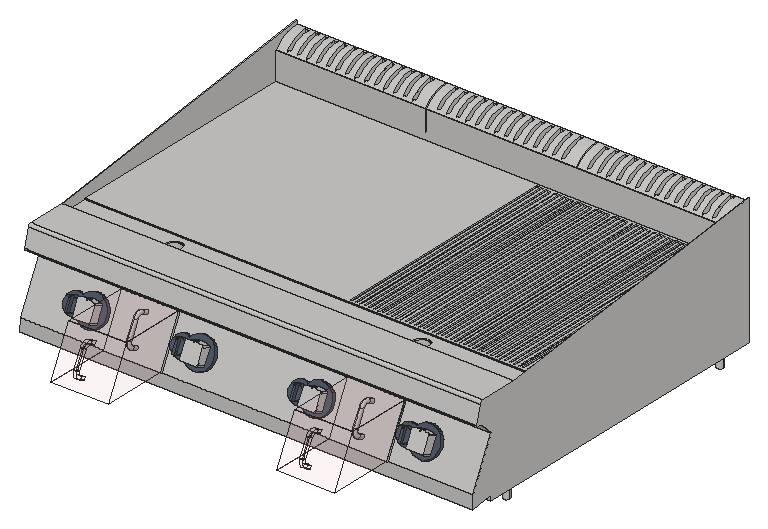
Revit family "QF_ZANUSSI_392407_Z9IIMAAOMIA", category Specialty Equipment, Revit 2018
Family settings
  Round Connector Dimension = Use Diameter
  Part Type = Normal
  Work Plane-Based = No
  Always vertical = Yes
  Cut with Voids When Loaded = No
  Shared = No
  Room Calculation Point = No
Parameters (values of type "Standard")
  Weight = 150.00 kg
  Watts = 0 W
  Volts = 0 V
  URL Manufacturer = "http://www.zanussiprofessional.com"
  URL = "http://www.zanussiprofessional.com"
  Steam Supply Size = 0"
  Steam Supply Minimum Pressure = 0.00 psi
  Steam Supply Maximum Pressure = 0.00 psi
  Steam Pounds per Hour = 0
  Show Logo [instance] = yes
  Show Clearance [instance] = yes
  Refrigeration Suction Line Size = 0"
  Refrigeration Liquid Line Size = 0"
  Refrigerant Compressor Remote = yes
  Phase = 0
  Model = "Z9IIMAAOMIA"
  Manufacturer = "Zanussi"
  Length Actual = 1200 mm  # constant formula
  Item Number = "392407"
  Hot Water Size = 0"
  Height Actual = 250 mm  # constant formula
  HP = "0 HP"
  Gas Size = 1/2"
  Gas KW = 33
  Gas Input Pressure = 1.10632 Btu/h
  Direct Waste Size = 0"
  Description = "GAS FRY TOP HP SMOOTH+RIBBED 1200MM - SCRATCH RESISTANT CHROMIUM"
  Depth Actual = 930 mm  # constant formula
  Cycle = 0 Hz
  Condensate Return Size = 0"
  Compressed Air Volume = 0 GPM
  Compressed Air Size = 0"
  Compressed Air Pressure = 0.00 psi
  Cold Water Size = 0"
  Accessory = yes
Reference planes
  plane 1 "BACK": y = 0
  plane 2: z = 0
  plane 3 "LEFT": x = 0
  plane 4 "RIGHT": x = 1200
  plane 5 "FRONT": y = -915
  plane 6 "TOP": z = 274
  plane 7 "Center Y": x = 600
  plane 8 "Center X": y = -457.5
  plane 9: y = -1106
  plane 10: z = 24
  plane 11: z = 290
  plane 12: z = 410
  plane 13: x = 11
  plane 14: x = 1189
  plane 15: z = 900
  plane 16: z = 995
Forms (mm)
  Extrusion 1, solid, material "QF_Finishes_Stainless Steel"
    sketch origin (0, 0, 626) x (0, 1, 0) y (0, 0, 1)
      loop
        line (0, 24) -> (0, 274) -> (-879.358, 274)
        arc (-879.358, 274) -> (-884.643, 271.811) -> (-886.833, 266.526) r 7.474
        line (-886.833, 266.526) -> (-899.884, 221.011)
        arc (-899.884, 221.011) -> (-899.396, 218.379) -> (-897, 217.184) r 3
        line (-897, 217.184) -> (-886.802, 217.184) -> (-854.982, 185.364) -> (-915, 64.508) -> (-915, 29.508) -> (-858.645, 37.428)
        arc (-858.645, 37.428) -> (-856.101, 36.674) -> (-855, 34.259) r 3.2
        line (-855, 34.259) -> (-855, 24) -> (0, 24)
    from 0 to 1200
  Extrusion 2, solid, material "QF_Finishes_Stainless Steel"
    sketch origin (0, -1, 626) x (1, 0, 0) y (0, 1, 0)
      loop
        circle (11, -81) r 8.5
      loop
        circle (11, -789) r 8.5
      loop
        circle (1191, -81) r 8.5
      loop
        circle (1191, -789) r 8.5
    from 0 to 24
  Extrusion 3, solid, material "QF_Finishes_Stainless Steel"
    sketch origin (635, 203.692, 900) x (0, -1, 0) y (1, 0, 0)
      loop
        line (273.542, 563.412) -> (273.542, -633.413) -> (275.13, -633.413) -> (275.13, 563.412) -> (273.542, 563.412)
    from 0 to 56.233
  Extrusion 4, void
    sketch origin (0, 0, 900) x (0, -1, 0) y (1, 0, 0)
      loop
        line (71.438, 1.587) -> (777.539, 1.587) -> (777.539, 1198.412) -> (71.438, 1198.412) -> (71.438, 1.587)
    from 0 to -21.588
  Extrusion 5, solid, material "QF_Finishes_Stainless Steel"
    sketch origin (0, 0, 650) x (-1, 0, 0) y (0, 1, 0)
      loop
        circle (-1153, -40) r 6.35
      loop
        circle (-1153, -654) r 6.35
    from 0 to 5
  Extrusion 6, solid, material "QF_Clearances", visible <- "Show Clearance", detail levels coarse
    sketch origin (0, 0, 626) x (1, 0, 0) y (0, 1, 0)
      loop
        line (0, 0) -> (1200, 0) -> (1200, -915) -> (1350, -915) -> (1350, 100) -> (-150, 100) -> (-150, -915) -> (0, -915) -> (0, 0)
    from 0 to 369
  Extrusion 7, solid, material "QF_Finishes_Stainless Steel"
    sketch origin (0, 0, 626) x (0, 1, 0) y (0, 0, 1)
      loop
        line (-777.539, 254) -> (-777.539, 252.413) -> (-81.438, 252.413) -> (-81.438, 254) -> (-777.539, 254)
    from 1.587 to 1198.412
  Extrusion 8, void
    sketch origin (656.521, 0, 626) x (1, 0, 0) y (0, 1, 0)
      loop
        circle (271.879, -743.736) r 20
    from 235.859 to 256.719
  Extrusion 9, solid, material "QF_Finishes_Stainless Steel"
    sketch origin (-15.442, 0, 626) x (0, 1, 0) y (0, 0, 1)
      loop
        line (0, 274) -> (0, 369) -> (-777.539, 274) -> (0, 274)
    from 15.442 to 17.03
  Extrusion 10, solid, material "QF_Finishes_Stainless Steel"
    sketch origin (23.617, -107.539, 881) x (-1, 0, 0) y (0, 1, 0)
      loop
        line (22.03, -600) -> (22.03, 36.101) -> (-1174.795, 36.101) -> (-1174.795, -600) -> (22.03, -600)
    from 0 to -2
  Extrusion 11, solid, material "QF_Finishes_Stainless Steel"
    sketch origin (0, 0, 655.962) x (0, 1, 0) y (0, 0, 1)
      loop
        line (0, 244.038) -> (0, 331.354)
        arc (0, 331.354) -> (-38.768, 324.268) -> (-69.85, 300.038) r 82.671
        line (-69.85, 300.038) -> (-69.85, 244.038) -> (0, 244.038)
    from 1.588 to 400
  Extrusion 12, void
    sketch origin (0, 0, 930.6) x (0, -1, 0) y (1, 0, 0)
      loop
        line (6.761, 29.703) -> (63.911, 29.703) -> (63.911, 38.999) -> (6.761, 38.999) -> (6.761, 29.703)
      loop
        line (63.911, 64.487) -> (6.761, 64.487) -> (6.761, 55.191) -> (63.911, 55.191) -> (63.911, 64.487)
      loop
        line (63.911, 89.975) -> (6.761, 89.975) -> (6.761, 80.68) -> (63.911, 80.68) -> (63.911, 89.975)
      loop
        line (63.911, 115.464) -> (6.761, 115.464) -> (6.761, 106.168) -> (63.911, 106.168) -> (63.911, 115.464)
      loop
        line (63.911, 140.952) -> (6.761, 140.952) -> (6.761, 131.656) -> (63.911, 131.656) -> (63.911, 140.952)
      loop
        line (63.911, 166.44) -> (6.761, 166.44) -> (6.761, 157.145) -> (63.911, 157.145) -> (63.911, 166.44)
      loop
        line (63.911, 191.929) -> (6.761, 191.929) -> (6.761, 182.633) -> (63.911, 182.633) -> (63.911, 191.929)
      loop
        line (63.911, 217.417) -> (6.761, 217.417) -> (6.761, 208.121) -> (63.911, 208.121) -> (63.911, 217.417)
      loop
        line (63.911, 242.905) -> (6.761, 242.905) -> (6.761, 233.61) -> (63.911, 233.61) -> (63.911, 242.905)
      loop
        line (63.911, 268.394) -> (6.761, 268.394) -> (6.761, 259.098) -> (63.911, 259.098) -> (63.911, 268.394)
      loop
        line (63.911, 293.882) -> (6.761, 293.882) -> (6.761, 284.586) -> (63.911, 284.586) -> (63.911, 293.882)
      loop
        line (63.911, 319.37) -> (6.761, 319.37) -> (6.761, 310.075) -> (63.911, 310.075) -> (63.911, 319.37)
      loop
        line (63.911, 344.859) -> (6.761, 344.859) -> (6.761, 335.563) -> (63.911, 335.563) -> (63.911, 344.859)
      loop
        line (63.911, 370.347) -> (6.761, 370.347) -> (6.761, 361.051) -> (63.911, 361.051) -> (63.911, 370.347)
    from 25.4 to 63.5
  Extrusion 13, solid, material "QF_Finishes_Stainless Steel"
    sketch origin (800, 0, 655.962) x (0, 1, 0) y (0, 0, -1)
      loop
        line (0, -244.038) -> (-69.85, -244.038) -> (-69.85, -300.038)
        arc (-69.85, -300.038) -> (-38.626, -323.809) -> (0, -330.737) r 83.705
        line (0, -330.737) -> (0, -244.038)
    from 0 to 400
  Extrusion 14, void
    sketch origin (596.143, 0, 930.6) x (0, -1, 0) y (1, 0, 0)
      loop
        line (6.761, 170.297) -> (6.761, 161.001) -> (63.911, 161.001) -> (63.911, 170.297) -> (6.761, 170.297)
      loop
        line (63.911, 135.513) -> (63.911, 144.809) -> (6.761, 144.809) -> (6.761, 135.513) -> (63.911, 135.513)
      loop
        line (63.911, 110.025) -> (63.911, 119.32) -> (6.761, 119.32) -> (6.761, 110.025) -> (63.911, 110.025)
      loop
        line (63.911, 84.536) -> (63.911, 93.832) -> (6.761, 93.832) -> (6.761, 84.536) -> (63.911, 84.536)
      loop
        line (63.911, 59.048) -> (63.911, 68.344) -> (6.761, 68.344) -> (6.761, 59.048) -> (63.911, 59.048)
      loop
        line (63.911, 33.56) -> (63.911, 42.855) -> (6.761, 42.855) -> (6.761, 33.56) -> (63.911, 33.56)
      loop
        line (63.911, 8.071) -> (63.911, 17.367) -> (6.761, 17.367) -> (6.761, 8.071) -> (63.911, 8.071)
      loop
        line (63.911, -17.417) -> (63.911, -8.121) -> (6.761, -8.121) -> (6.761, -17.417) -> (63.911, -17.417)
      loop
        line (63.911, -42.905) -> (63.911, -33.61) -> (6.761, -33.61) -> (6.761, -42.905) -> (63.911, -42.905)
      loop
        line (63.911, -68.394) -> (63.911, -59.098) -> (6.761, -59.098) -> (6.761, -68.394) -> (63.911, -68.394)
      loop
        line (63.911, -93.882) -> (63.911, -84.586) -> (6.761, -84.586) -> (6.761, -93.882) -> (63.911, -93.882)
      loop
        line (63.911, -119.37) -> (63.911, -110.075) -> (6.761, -110.075) -> (6.761, -119.37) -> (63.911, -119.37)
      loop
        line (63.911, -144.859) -> (63.911, -135.563) -> (6.761, -135.563) -> (6.761, -144.859) -> (63.911, -144.859)
      loop
        line (63.911, -170.347) -> (63.911, -161.051) -> (6.761, -161.051) -> (6.761, -170.347) -> (63.911, -170.347)
    from 25.4 to 63.5
  Extrusion 15, solid, material "QF_Finishes_Stainless Steel"
    sketch origin (170, -884.991, 750.936) x (1, 0, 0) y (0, 0.444781, 0.895639)
      loop
        arc (-21.147, 22.789) -> (-22.494, 21.685) -> (-23, 20.019) r 2.997
        line (-23, 20.019) -> (-23, -20.019)
        arc (-23, -20.019) -> (-22.122, -22.138) -> (-20.003, -23.016) r 2.997
        line (-20.003, -23.016) -> (20.003, -23.016)
        arc (20.003, -23.016) -> (22.122, -22.138) -> (23, -20.019) r 2.997
        line (23, -20.019) -> (23, 20.019)
        arc (23, 20.019) -> (22.494, 21.685) -> (21.147, 22.789) r 2.997
        arc (21.147, 22.789) -> (0, 26.984) -> (-21.147, 22.789) r 55.4
    from 10 to 34
  Extrusion 16, solid, material "QF_Finishes_Stainless Steel"
    sketch origin (170, -884.991, 750.936) x (1, 0, 0) y (0, 0.444781, 0.895639)
      loop
        line (17.5, 17.5) -> (-17.5, 17.5) -> (-17.5, -17.5) -> (17.5, -17.5) -> (17.5, 17.5)
    from 5 to 10
  Extrusion 17, solid, material "QF_Plastic-Black-Matte"
    sketch origin (112.5, -884.991, 750.936) x (0, 0.444781, 0.895639) y (0, 0.895639, -0.444781)
      loop
        line (26.984, -34) -> (23.984, -34) -> (23.984, -35) -> (26.984, -35)
        arc (26.984, -35) -> (27.691, -34.707) -> (27.984, -34) r 1
        line (27.984, -34) -> (27.984, -19) -> (26.984, -19) -> (26.984, -34)
    from -58.5 to -56.5
  Extrusion 18, solid, material "QF_Finishes_Stainless Steel"
    sketch origin (655, -884.991, 750.936) x (1, 0, 0) y (0, 0.444781, 0.895639)
      loop
        arc (378.853, 22.789) -> (377.506, 21.685) -> (377, 20.019) r 2.997
        line (377, 20.019) -> (377, -20.019)
        arc (377, -20.019) -> (377.878, -22.138) -> (379.997, -23.016) r 2.997
        line (379.997, -23.016) -> (420.003, -23.016)
        arc (420.003, -23.016) -> (422.122, -22.138) -> (423, -20.019) r 2.997
        line (423, -20.019) -> (423, 20.019)
        arc (423, 20.019) -> (422.494, 21.685) -> (421.147, 22.789) r 2.997
        arc (421.147, 22.789) -> (400, 26.984) -> (378.853, 22.789) r 55.4
    from 10 to 34
  Extrusion 19, solid, material "QF_Finishes_Stainless Steel"
    sketch origin (655, -884.991, 750.936) x (1, 0, 0) y (0, 0.444781, 0.895639)
      loop
        line (417.5, 17.5) -> (382.5, 17.5) -> (382.5, -17.5) -> (417.5, -17.5) -> (417.5, 17.5)
    from 5 to 10
  Extrusion 20, solid, material "QF_Plastic-Black-Matte"
    sketch origin (997.5, -884.991, 750.936) x (0, 0.444781, 0.895639) y (0, 0.895639, -0.444781)
      loop
        line (26.984, -34) -> (23.984, -34) -> (23.984, -35) -> (26.984, -35)
        arc (26.984, -35) -> (27.691, -34.707) -> (27.984, -34) r 1
        line (27.984, -34) -> (27.984, -19) -> (26.984, -19) -> (26.984, -34)
    from -58.5 to -56.5
  Extrusion 21, solid, material "QF_Finishes_Stainless Steel"
    sketch origin (498.735, -295.047, 230.1) x (0, 0.444781, 0.895639) y (-1, 0, 0)
      loop
        line (136.616, 122.735) -> (271.616, 122.735) -> (271.616, 274.735) -> (136.616, 274.735) -> (136.616, 122.735)
    from 760.035 to 763.551
  Sweep 22, solid, material "QF_Finishes_Stainless Steel"
    path origin (298.545, 126.359, 733.982) x (0, -0.444781, -0.895639) y (0, -0.895639, 0.444781)
      loop
        line (468.014, 916.861) -> (468.014, 932.736)
        arc (468.014, 932.736) -> (464.793, 940.513) -> (457.015, 943.735) r 10.999
        line (457.015, 943.735) -> (410.212, 943.735)
        arc (410.212, 943.735) -> (402.435, 940.513) -> (399.214, 932.736) r 10.999
        line (399.214, 932.736) -> (399.214, 916.861)
    profile origin (298.545, -879.49, 787.764) x (0, -0.444781, -0.895639) y (-1, 0, 0)
      loop
        circle (-4.691, 0) r 4.691
  Extrusion 23, solid, material "QF_Finishes_Clearance"
    sketch origin (2.32, -294.882, 229.583) x (0, 0.895639, -0.444781) y (0, 0.444781, 0.895639)
      loop
        line (-763.929, 272.005) -> (-920.503, 194.25) -> (-920.503, 59.25) -> (-763.929, 137.005) -> (-763.929, 272.005)
    from 221.68 to 374.05
  Extrusion 24, solid, material "QF_Finishes_Clearance"
    sketch origin (7.32, -283.593, 171.621) x (0, 0.895639, -0.444781) y (0, 0.444781, 0.895639)
      loop
        line (-972.705, 212.765) -> (-956.394, 212.765) -> (-956.394, 222.134) -> (-972.749, 222.134)
        arc (-972.749, 222.134) -> (-986.81, 216.31) -> (-992.634, 202.249) r 19.885
        line (-992.634, 202.249) -> (-992.634, 154.481)
        arc (-992.634, 154.481) -> (-986.81, 140.42) -> (-972.749, 134.596) r 19.885
        line (-972.749, 134.596) -> (-956.394, 134.582) -> (-956.394, 143.982) -> (-972.749, 143.982)
        arc (-972.749, 143.982) -> (-980.163, 147.067) -> (-983.234, 154.481) r 10.485
        line (-983.234, 154.481) -> (-983.234, 202.249)
        arc (-983.234, 202.249) -> (-980.163, 209.663) -> (-972.749, 212.734) r 10.485
    from 286.527 to 295.917
  Extrusion 25, solid, material "QF_Finishes_Stainless Steel"
    sketch origin (1200, 0, 655.962) x (0, 1, 0) y (0, 0, -1)
      loop
        line (0, -244.038) -> (-69.85, -244.038) -> (-69.85, -300.038)
        arc (-69.85, -300.038) -> (-38.626, -323.809) -> (0, -330.737) r 83.705
        line (0, -330.737) -> (0, -244.038)
    from 1.587 to 400
  Extrusion 26, void
    sketch origin (996.143, 0, 930.6) x (0, -1, 0) y (1, 0, 0)
      loop
        line (6.761, 170.297) -> (6.761, 161.001) -> (63.911, 161.001) -> (63.911, 170.297) -> (6.761, 170.297)
      loop
        line (63.911, 135.513) -> (63.911, 144.809) -> (6.761, 144.809) -> (6.761, 135.513) -> (63.911, 135.513)
      loop
        line (63.911, 110.025) -> (63.911, 119.32) -> (6.761, 119.32) -> (6.761, 110.025) -> (63.911, 110.025)
      loop
        line (63.911, 84.536) -> (63.911, 93.832) -> (6.761, 93.832) -> (6.761, 84.536) -> (63.911, 84.536)
      loop
        line (63.911, 59.048) -> (63.911, 68.344) -> (6.761, 68.344) -> (6.761, 59.048) -> (63.911, 59.048)
      loop
        line (63.911, 33.56) -> (63.911, 42.855) -> (6.761, 42.855) -> (6.761, 33.56) -> (63.911, 33.56)
      loop
        line (63.911, 8.071) -> (63.911, 17.367) -> (6.761, 17.367) -> (6.761, 8.071) -> (63.911, 8.071)
      loop
        line (63.911, -17.417) -> (63.911, -8.121) -> (6.761, -8.121) -> (6.761, -17.417) -> (63.911, -17.417)
      loop
        line (63.911, -42.905) -> (63.911, -33.61) -> (6.761, -33.61) -> (6.761, -42.905) -> (63.911, -42.905)
      loop
        line (63.911, -68.394) -> (63.911, -59.098) -> (6.761, -59.098) -> (6.761, -68.394) -> (63.911, -68.394)
      loop
        line (63.911, -93.882) -> (63.911, -84.586) -> (6.761, -84.586) -> (6.761, -93.882) -> (63.911, -93.882)
      loop
        line (63.911, -119.37) -> (63.911, -110.075) -> (6.761, -110.075) -> (6.761, -119.37) -> (63.911, -119.37)
      loop
        line (63.911, -144.859) -> (63.911, -135.563) -> (6.761, -135.563) -> (6.761, -144.859) -> (63.911, -144.859)
      loop
        line (63.911, -170.347) -> (63.911, -161.051) -> (6.761, -161.051) -> (6.761, -170.347) -> (63.911, -170.347)
    from 25.4 to 63.5
  Extrusion 27, solid, material "QF_Finishes_Stainless Steel"
    sketch origin (1215.442, 0, 626) x (0, 1, 0) y (0, 0, -1)
      loop
        line (0, -274) -> (-777.539, -274) -> (0, -369) -> (0, -274)
    from 15.442 to 17.03
  Extrusion 28, solid, material "QF_Finishes_Stainless Steel"
    sketch origin (10.04, 0, 726.828) x (0, 0, 1) y (1, 0, 0)
      loop
        circle (-34.828, 1142.96) r 6.5
    from 0 to 10
  Extrusion 29, solid, material "QF_Finishes_Stainless Steel"
    sketch origin (1098.735, -295.047, 230.1) x (0, 0.444781, 0.895639) y (-1, 0, 0)
      loop
        line (136.616, 122.735) -> (271.616, 122.735) -> (271.616, 274.735) -> (136.616, 274.735) -> (136.616, 122.735)
    from 760.035 to 763.551
  Sweep 30, solid, material "QF_Finishes_Stainless Steel"
    path origin (898.545, 126.359, 733.982) x (0, -0.444781, -0.895639) y (0, -0.895639, 0.444781)
      loop
        line (468.014, 916.861) -> (468.014, 932.736)
        arc (468.014, 932.736) -> (464.793, 940.513) -> (457.015, 943.735) r 10.999
        line (457.015, 943.735) -> (410.212, 943.735)
        arc (410.212, 943.735) -> (402.435, 940.513) -> (399.214, 932.736) r 10.999
        line (399.214, 932.736) -> (399.214, 916.861)
    profile origin (898.545, -879.49, 787.764) x (0, -0.444781, -0.895639) y (-1, 0, 0)
      loop
        circle (-4.691, 0) r 4.691
  Extrusion 31, solid, material "QF_Finishes_Stainless Steel"
    sketch origin (455, -884.991, 750.936) x (1, 0, 0) y (0, 0.444781, 0.895639)
      loop
        arc (-21.147, 22.789) -> (-22.494, 21.685) -> (-23, 20.019) r 2.997
        line (-23, 20.019) -> (-23, -20.019)
        arc (-23, -20.019) -> (-22.122, -22.138) -> (-20.003, -23.016) r 2.997
        line (-20.003, -23.016) -> (20.003, -23.016)
        arc (20.003, -23.016) -> (22.122, -22.138) -> (23, -20.019) r 2.997
        line (23, -20.019) -> (23, 20.019)
        arc (23, 20.019) -> (22.494, 21.685) -> (21.147, 22.789) r 2.997
        arc (21.147, 22.789) -> (0, 26.984) -> (-21.147, 22.789) r 55.4
    from 10 to 34
  Extrusion 32, solid, material "QF_Finishes_Stainless Steel"
    sketch origin (455, -884.991, 750.936) x (1, 0, 0) y (0, 0.444781, 0.895639)
      loop
        line (17.5, 17.5) -> (-17.5, 17.5) -> (-17.5, -17.5) -> (17.5, -17.5) -> (17.5, 17.5)
    from 5 to 10
  Extrusion 33, solid, material "QF_Plastic-Black-Matte"
    sketch origin (397.5, -884.991, 750.936) x (0, 0.444781, 0.895639) y (0, 0.895639, -0.444781)
      loop
        line (26.984, -34) -> (23.984, -34) -> (23.984, -35) -> (26.984, -35)
        arc (26.984, -35) -> (27.691, -34.707) -> (27.984, -34) r 1
        line (27.984, -34) -> (27.984, -19) -> (26.984, -19) -> (26.984, -34)
    from -58.5 to -56.5
  Extrusion 34, solid, material "QF_Finishes_Stainless Steel"
    sketch origin (367.5, -884.991, 750.936) x (1, 0, 0) y (0, 0.444781, 0.895639)
      loop
        arc (378.853, 22.789) -> (377.506, 21.685) -> (377, 20.019) r 2.997
        line (377, 20.019) -> (377, -20.019)
        arc (377, -20.019) -> (377.878, -22.138) -> (379.997, -23.016) r 2.997
        line (379.997, -23.016) -> (420.003, -23.016)
        arc (420.003, -23.016) -> (422.122, -22.138) -> (423, -20.019) r 2.997
        line (423, -20.019) -> (423, 20.019)
        arc (423, 20.019) -> (422.494, 21.685) -> (421.147, 22.789) r 2.997
        arc (421.147, 22.789) -> (400, 26.984) -> (378.853, 22.789) r 55.4
    from 10 to 34
  Extrusion 35, solid, material "QF_Finishes_Stainless Steel"
    sketch origin (367.5, -884.991, 750.936) x (1, 0, 0) y (0, 0.444781, 0.895639)
      loop
        line (417.5, 17.5) -> (382.5, 17.5) -> (382.5, -17.5) -> (417.5, -17.5) -> (417.5, 17.5)
    from 5 to 10
  Extrusion 36, solid, material "QF_Plastic-Black-Matte"
    sketch origin (710, -884.991, 750.936) x (0, 0.444781, 0.895639) y (0, 0.895639, -0.444781)
      loop
        line (26.984, -34) -> (23.984, -34) -> (23.984, -35) -> (26.984, -35)
        arc (26.984, -35) -> (27.691, -34.707) -> (27.984, -34) r 1
        line (27.984, -34) -> (27.984, -19) -> (26.984, -19) -> (26.984, -34)
    from -58.5 to -56.5
  Extrusion 37, solid, material "QF_Finishes_Clearance"
    sketch origin (602.32, -294.882, 229.583) x (0, 0.895639, -0.444781) y (0, 0.444781, 0.895639)
      loop
        line (-763.929, 272.005) -> (-920.503, 194.25) -> (-920.503, 59.25) -> (-763.929, 137.005) -> (-763.929, 272.005)
    from 221.68 to 374.05
  Extrusion 38, solid, material "QF_Finishes_Clearance"
    sketch origin (607.32, -283.593, 171.621) x (0, 0.895639, -0.444781) y (0, 0.444781, 0.895639)
      loop
        line (-972.705, 212.765) -> (-956.394, 212.765) -> (-956.394, 222.134) -> (-972.749, 222.134)
        arc (-972.749, 222.134) -> (-986.81, 216.31) -> (-992.634, 202.249) r 19.885
        line (-992.634, 202.249) -> (-992.634, 154.481)
        arc (-992.634, 154.481) -> (-986.81, 140.42) -> (-972.749, 134.596) r 19.885
        line (-972.749, 134.596) -> (-956.394, 134.582) -> (-956.394, 143.982) -> (-972.749, 143.982)
        arc (-972.749, 143.982) -> (-980.163, 147.067) -> (-983.234, 154.481) r 10.485
        line (-983.234, 154.481) -> (-983.234, 202.249)
        arc (-983.234, 202.249) -> (-980.163, 209.663) -> (-972.749, 212.734) r 10.485
    from 286.527 to 295.917
  Extrusion 39, void
    sketch origin (-0.279, 0, 626) x (1, 0, 0) y (0, 1, 0)
      loop
        circle (271.879, -743.736) r 20
    from 235.859 to 256.719
  Extrusion 40, solid, material "Navy Blue"
    sketch origin (-38.542, -294.248, 234.429) x (0, 0.444781, 0.895639) y (-1, 0, 0)
      loop
        arc (177.675, -177.037) -> (201.406, -249.237) -> (225.137, -177.037) r 40
        arc (225.137, -177.037) -> (201.406, -135.498) -> (177.675, -177.037) r 27.548
    from 758.825 to 766.387
  Extrusion 41, solid, material "Navy Blue"
    sketch origin (-65.437, -295.124, 236.416) x (0, 0.444781, 0.895639) y (-1, 0, 0)
      loop
        circle (199.561, -189.616) r 19.05
    from 766.387 to 780.308
  Extrusion 42, solid, material "Navy Blue"
    sketch origin (-65.437, -307.592, 242.608) x (0, 0.444781, 0.895639) y (-1, 0, 0)
      loop
        arc (217.539, -192.791) -> (217.709, -191.604) -> (217.8, -190.409) r 18.256
        line (217.8, -190.409) -> (214.102, -190.409) -> (214.102, -188.822) -> (217.8, -188.822)
        arc (217.8, -188.822) -> (217.709, -187.627) -> (217.539, -186.441) r 18.256
        line (217.539, -186.441) -> (181.583, -186.441)
        arc (181.583, -186.441) -> (181.305, -189.616) -> (181.583, -192.791) r 18.256
        line (181.583, -192.791) -> (217.539, -192.791)
    from 766.387 to 773.392
  Extrusion 43, solid, material "Navy Blue"
    sketch origin (246.458, -294.248, 234.429) x (0, 0.444781, 0.895639) y (-1, 0, 0)
      loop
        arc (177.675, -177.037) -> (201.406, -249.237) -> (225.137, -177.037) r 40
        arc (225.137, -177.037) -> (201.406, -135.498) -> (177.675, -177.037) r 27.548
    from 758.825 to 766.387
  Extrusion 44, solid, material "Navy Blue"
    sketch origin (219.563, -295.124, 236.416) x (0, 0.444781, 0.895639) y (-1, 0, 0)
      loop
        circle (199.561, -189.616) r 19.05
    from 766.387 to 780.308
  Extrusion 45, solid, material "Navy Blue"
    sketch origin (219.563, -307.592, 242.608) x (0, 0.444781, 0.895639) y (-1, 0, 0)
      loop
        arc (217.539, -192.791) -> (217.709, -191.604) -> (217.8, -190.409) r 18.256
        line (217.8, -190.409) -> (214.102, -190.409) -> (214.102, -188.822) -> (217.8, -188.822)
        arc (217.8, -188.822) -> (217.709, -187.627) -> (217.539, -186.441) r 18.256
        line (217.539, -186.441) -> (181.583, -186.441)
        arc (181.583, -186.441) -> (181.305, -189.616) -> (181.583, -192.791) r 18.256
        line (181.583, -192.791) -> (217.539, -192.791)
    from 766.387 to 773.392
  Extrusion 46, solid, material "Navy Blue"
    sketch origin (558.958, -294.248, 234.429) x (0, 0.444781, 0.895639) y (-1, 0, 0)
      loop
        arc (177.675, -177.037) -> (201.406, -249.237) -> (225.137, -177.037) r 40
        arc (225.137, -177.037) -> (201.406, -135.498) -> (177.675, -177.037) r 27.548
    from 758.825 to 766.387
  Extrusion 47, solid, material "Navy Blue"
    sketch origin (532.063, -295.124, 236.416) x (0, 0.444781, 0.895639) y (-1, 0, 0)
      loop
        circle (199.561, -189.616) r 19.05
    from 766.387 to 780.308
  Extrusion 48, solid, material "Navy Blue"
    sketch origin (532.063, -307.592, 242.608) x (0, 0.444781, 0.895639) y (-1, 0, 0)
      loop
        arc (217.539, -192.791) -> (217.709, -191.604) -> (217.8, -190.409) r 18.256
        line (217.8, -190.409) -> (214.102, -190.409) -> (214.102, -188.822) -> (217.8, -188.822)
        arc (217.8, -188.822) -> (217.709, -187.627) -> (217.539, -186.441) r 18.256
        line (217.539, -186.441) -> (181.583, -186.441)
        arc (181.583, -186.441) -> (181.305, -189.616) -> (181.583, -192.791) r 18.256
        line (181.583, -192.791) -> (217.539, -192.791)
    from 766.387 to 773.392
  Extrusion 49, solid, material "Navy Blue"
    sketch origin (846.458, -294.248, 234.429) x (0, 0.444781, 0.895639) y (-1, 0, 0)
      loop
        arc (177.675, -177.037) -> (201.406, -249.237) -> (225.137, -177.037) r 40
        arc (225.137, -177.037) -> (201.406, -135.498) -> (177.675, -177.037) r 27.548
    from 758.825 to 766.387
  Extrusion 50, solid, material "Navy Blue"
    sketch origin (819.563, -295.124, 236.416) x (0, 0.444781, 0.895639) y (-1, 0, 0)
      loop
        circle (199.561, -189.616) r 19.05
    from 766.387 to 780.308
  Extrusion 51, solid, material "Navy Blue"
    sketch origin (819.563, -307.592, 242.608) x (0, 0.444781, 0.895639) y (-1, 0, 0)
      loop
        arc (217.539, -192.791) -> (217.709, -191.604) -> (217.8, -190.409) r 18.256
        line (217.8, -190.409) -> (214.102, -190.409) -> (214.102, -188.822) -> (217.8, -188.822)
        arc (217.8, -188.822) -> (217.709, -187.627) -> (217.539, -186.441) r 18.256
        line (217.539, -186.441) -> (181.583, -186.441)
        arc (181.583, -186.441) -> (181.305, -189.616) -> (181.583, -192.791) r 18.256
        line (181.583, -192.791) -> (217.539, -192.791)
    from 766.387 to 773.392
  Extrusion 52, void
    sketch origin (377.37, -686.406, 663.09) x (0, 0, 1) y (-1, 0, 0)
      loop
        line (219.91, -739.5) -> (219.91, -733.5) -> (217.91, -733.9) -> (217.91, -739.1) -> (219.91, -739.5)
      loop
        line (219.91, -727.5) -> (219.91, -721.5) -> (217.91, -721.9) -> (217.91, -727.1) -> (219.91, -727.5)
      loop
        line (219.91, -715.5) -> (219.91, -709.5) -> (217.91, -709.9) -> (217.91, -715.1) -> (219.91, -715.5)
      loop
        line (219.91, -703.5) -> (219.91, -697.5) -> (217.91, -697.9) -> (217.91, -703.1) -> (219.91, -703.5)
      loop
        line (219.91, -691.5) -> (219.91, -685.5) -> (217.91, -685.9) -> (217.91, -691.1) -> (219.91, -691.5)
      loop
        line (219.91, -679.5) -> (219.91, -673.5) -> (217.91, -673.9) -> (217.91, -679.1) -> (219.91, -679.5)
      loop
        line (219.91, -667.5) -> (219.91, -661.5) -> (217.91, -661.9) -> (217.91, -667.1) -> (219.91, -667.5)
      loop
        line (219.91, -655.5) -> (219.91, -649.5) -> (217.91, -649.9) -> (217.91, -655.1) -> (219.91, -655.5)
      loop
        line (219.91, -799.5) -> (219.91, -793.5) -> (217.91, -793.9) -> (217.91, -799.1) -> (219.91, -799.5)
      loop
        line (219.91, -763.5) -> (219.91, -757.5) -> (217.91, -757.9) -> (217.91, -763.1) -> (219.91, -763.5)
      loop
        line (219.91, -751.5) -> (219.91, -745.5) -> (217.91, -745.9) -> (217.91, -751.1) -> (219.91, -751.5)
      loop
        line (219.91, -811.5) -> (219.91, -805.5) -> (217.91, -805.9) -> (217.91, -811.1) -> (219.91, -811.5)
      loop
        line (219.91, -775.5) -> (219.91, -769.5) -> (217.91, -769.9) -> (217.91, -775.1) -> (219.91, -775.5)
      loop
        line (219.91, -787.5) -> (219.91, -781.5) -> (217.91, -781.9) -> (217.91, -787.1) -> (219.91, -787.5)
      loop
        line (219.91, -643.5) -> (219.91, -637.5) -> (217.91, -637.9) -> (217.91, -643.1) -> (219.91, -643.5)
      loop
        line (219.91, -631.5) -> (219.91, -625.5) -> (217.91, -625.9) -> (217.91, -631.1) -> (219.91, -631.5)
      loop
        line (219.91, -619.5) -> (219.91, -613.5) -> (217.91, -613.9) -> (217.91, -619.1) -> (219.91, -619.5)
      loop
        line (219.91, -607.5) -> (219.91, -601.5) -> (217.91, -601.9) -> (217.91, -607.1) -> (219.91, -607.5)
      loop
        line (219.91, -595.5) -> (219.91, -589.5) -> (217.91, -589.9) -> (217.91, -595.1) -> (219.91, -595.5)
      loop
        line (219.91, -583.5) -> (219.91, -577.5) -> (217.91, -577.9) -> (217.91, -583.1) -> (219.91, -583.5)
      loop
        line (219.91, -571.5) -> (219.91, -565.5) -> (217.91, -565.9) -> (217.91, -571.1) -> (219.91, -571.5)
      loop
        line (219.91, -499.5) -> (219.91, -493.5) -> (217.91, -493.9) -> (217.91, -499.1) -> (219.91, -499.5)
      loop
        line (219.91, -487.5) -> (219.91, -481.5) -> (217.91, -481.9) -> (217.91, -487.1) -> (219.91, -487.5)
      loop
        line (219.91, -475.5) -> (219.91, -469.5) -> (217.91, -469.9) -> (217.91, -475.1) -> (219.91, -475.5)
      loop
        line (219.91, -463.5) -> (219.91, -457.5) -> (217.91, -457.9) -> (217.91, -463.1) -> (219.91, -463.5)
      loop
        line (219.91, -451.5) -> (219.91, -445.5) -> (217.91, -445.9) -> (217.91, -451.1) -> (219.91, -451.5)
      loop
        line (219.91, -439.5) -> (219.91, -433.5) -> (217.91, -433.9) -> (217.91, -439.1) -> (219.91, -439.5)
      loop
        line (219.91, -427.5) -> (219.91, -421.5) -> (217.91, -421.9) -> (217.91, -427.1) -> (219.91, -427.5)
      loop
        line (219.91, -415.5) -> (219.91, -409.5) -> (217.91, -409.9) -> (217.91, -415.1) -> (219.91, -415.5)
      loop
        line (219.91, -559.5) -> (219.91, -553.5) -> (217.91, -553.9) -> (217.91, -559.1) -> (219.91, -559.5)
      loop
        line (219.91, -523.5) -> (219.91, -517.5) -> (217.91, -517.9) -> (217.91, -523.1) -> (219.91, -523.5)
      loop
        line (219.91, -511.5) -> (219.91, -505.5) -> (217.91, -505.9) -> (217.91, -511.1) -> (219.91, -511.5)
      loop
        line (219.91, -535.5) -> (219.91, -529.5) -> (217.91, -529.9) -> (217.91, -535.1) -> (219.91, -535.5)
      loop
        line (219.91, -547.5) -> (219.91, -541.5) -> (217.91, -541.9) -> (217.91, -547.1) -> (219.91, -547.5)
      loop
        line (219.91, -403.5) -> (219.91, -397.5) -> (217.91, -397.9) -> (217.91, -403.1) -> (219.91, -403.5)
      loop
        line (219.91, -391.5) -> (219.91, -385.5) -> (217.91, -385.9) -> (217.91, -391.1) -> (219.91, -391.5)
      loop
        line (219.91, -379.5) -> (219.91, -373.5) -> (217.91, -373.9) -> (217.91, -379.1) -> (219.91, -379.5)
      loop
        line (219.91, -367.5) -> (219.91, -361.5) -> (217.91, -361.9) -> (217.91, -367.1) -> (219.91, -367.5)
      loop
        line (219.91, -355.5) -> (219.91, -349.5) -> (217.91, -349.9) -> (217.91, -355.1) -> (219.91, -355.5)
      loop
        line (219.91, -343.5) -> (219.91, -337.5) -> (217.91, -337.9) -> (217.91, -343.1) -> (219.91, -343.5)
      loop
        line (219.91, -331.5) -> (219.91, -325.5) -> (217.91, -325.9) -> (217.91, -331.1) -> (219.91, -331.5)
    from 10 to -604.968
Cuts and joins
  Extrusion 4, Extrusion 8, Extrusion 39 cuts Extrusion 1
  Extrusion 39 cuts Extrusion 3
  Extrusion 39 cuts Extrusion 9
  Extrusion 39 cuts Extrusion 27
  joined: Extrusion 1, Extrusion 3, Extrusion 9, Extrusion 27
  Extrusion 8, Extrusion 39 cuts Extrusion 7
  Extrusion 12, Extrusion 14 cuts Extrusion 11
  Extrusion 14, Extrusion 26 cuts Extrusion 13
  Extrusion 26 cuts Extrusion 25
  Extrusion 52 cuts Extrusion 10
Lines and regions (mm)
  symbolic lines, style "QF_Clearances", visible <- "Show Clearance", detail levels coarse
    curve 1: line (1350, -915, 0) -> (1350, 100, 0)
    curve 2: line (1350, 100, 0) -> (-150, 100, 0)
    curve 3: line (-150, 100, 0) -> (-150, -915, 0)
  symbolic lines
    curve 4: line (1200, -915, 0) -> (1200, 0, 0)
    curve 5: line (1200, 0, 0) -> (0, 0, 0)
    curve 6: line (0, 0, 0) -> (0, -915, 0)
    curve 7: line (1198.412, -777.539, 0) -> (1.588, -777.539, 0)
    curve 8: line (1198.412, -707.539, 0) -> (1.588, -707.539, 0)
    curve 9: line (1.588, 0, 0) -> (1.588, -777.539, 0)
    curve 10: line (1198.412, -71.438, 0) -> (1.588, -71.438, 0)
    curve 11: line (1198.412, -777.539, 0) -> (1198.412, 0, 0)
    curve 12: line (38.999, -6.761, 0) -> (38.999, -63.911, 0)
    curve 13: line (38.999, -63.911, 0) -> (29.703, -63.911, 0)
    curve 14: line (29.703, -63.911, 0) -> (29.703, -6.761, 0)
    curve 15: line (29.703, -6.761, 0) -> (38.999, -6.761, 0)
    curve 16: line (55.191, -63.911, 0) -> (55.191, -6.761, 0)
    curve 17: line (55.191, -6.761, 0) -> (64.487, -6.761, 0)
    curve 18: line (64.487, -6.761, 0) -> (64.487, -63.911, 0)
    curve 19: line (64.487, -63.911, 0) -> (55.191, -63.911, 0)
    curve 20: line (89.975, -6.761, 0) -> (89.975, -63.911, 0)
    curve 21: line (89.975, -63.911, 0) -> (80.68, -63.911, 0)
    curve 22: line (80.68, -63.911, 0) -> (80.68, -6.761, 0)
    curve 23: line (80.68, -6.761, 0) -> (89.975, -6.761, 0)
    curve 24: line (115.464, -6.761, 0) -> (115.464, -63.911, 0)
    curve 25: line (115.464, -63.911, 0) -> (106.168, -63.911, 0)
    curve 26: line (106.168, -63.911, 0) -> (106.168, -6.761, 0)
    curve 27: line (106.168, -6.761, 0) -> (115.464, -6.761, 0)
    curve 28: line (140.952, -6.761, 0) -> (140.952, -63.911, 0)
    curve 29: line (140.952, -63.911, 0) -> (131.656, -63.911, 0)
    curve 30: line (131.656, -63.911, 0) -> (131.656, -6.761, 0)
    curve 31: line (131.656, -6.761, 0) -> (140.952, -6.761, 0)
    curve 32: line (166.44, -6.761, 0) -> (166.44, -63.911, 0)
    curve 33: line (166.44, -63.911, 0) -> (157.145, -63.911, 0)
    curve 34: line (157.145, -63.911, 0) -> (157.145, -6.761, 0)
    curve 35: line (157.145, -6.761, 0) -> (166.44, -6.761, 0)
    curve 36: line (191.929, -6.761, 0) -> (191.929, -63.911, 0)
    curve 37: line (191.929, -63.911, 0) -> (182.633, -63.911, 0)
    curve 38: line (182.633, -63.911, 0) -> (182.633, -6.761, 0)
    curve 39: line (182.633, -6.761, 0) -> (191.929, -6.761, 0)
    curve 40: line (208.121, -63.911, 0) -> (208.121, -6.761, 0)
    curve 41: line (208.121, -6.761, 0) -> (217.417, -6.761, 0)
    curve 42: line (217.417, -6.761, 0) -> (217.417, -63.911, 0)
    curve 43: line (217.417, -63.911, 0) -> (208.121, -63.911, 0)
    curve 44: line (361.001, -6.761, 0) -> (361.001, -63.911, 0)
    curve 45: line (361.001, -63.911, 0) -> (370.297, -63.911, 0)
    curve 46: line (370.297, -63.911, 0) -> (370.297, -6.761, 0)
    curve 47: line (370.297, -6.761, 0) -> (361.001, -6.761, 0)
    curve 48: line (344.809, -63.911, 0) -> (344.809, -6.761, 0)
    curve 49: line (344.809, -6.761, 0) -> (335.513, -6.761, 0)
    curve 50: line (335.513, -6.761, 0) -> (335.513, -63.911, 0)
    curve 51: line (335.513, -63.911, 0) -> (344.809, -63.911, 0)
    curve 52: line (310.025, -6.761, 0) -> (310.025, -63.911, 0)
    curve 53: line (310.025, -63.911, 0) -> (319.32, -63.911, 0)
    curve 54: line (319.32, -63.911, 0) -> (319.32, -6.761, 0)
    curve 55: line (319.32, -6.761, 0) -> (310.025, -6.761, 0)
    curve 56: line (284.536, -6.761, 0) -> (284.536, -63.911, 0)
    curve 57: line (284.536, -63.911, 0) -> (293.832, -63.911, 0)
    curve 58: line (293.832, -63.911, 0) -> (293.832, -6.761, 0)
    curve 59: line (293.832, -6.761, 0) -> (284.536, -6.761, 0)
    curve 60: line (259.048, -6.761, 0) -> (259.048, -63.911, 0)
    curve 61: line (259.048, -63.911, 0) -> (268.344, -63.911, 0)
    curve 62: line (268.344, -63.911, 0) -> (268.344, -6.761, 0)
    curve 63: line (268.344, -6.761, 0) -> (259.048, -6.761, 0)
    curve 64: line (233.56, -6.761, 0) -> (233.56, -63.911, 0)
    curve 65: line (233.56, -63.911, 0) -> (242.855, -63.911, 0)
    curve 66: line (242.855, -63.911, 0) -> (242.855, -6.761, 0)
    curve 67: line (242.855, -6.761, 0) -> (233.56, -6.761, 0)
    curve 68: arc (908.4, -743.736, 0) -> (928.4, -723.736, 0) -> (948.4, -743.736, 0) r 20
    curve 69: arc (908.4, -743.736, 0) -> (928.4, -763.736, 0) -> (948.4, -743.736, 0) r 20
    curve 70: line (757.095, -6.761, 0) -> (757.095, -63.911, 0)
    curve 71: line (757.095, -63.911, 0) -> (766.39, -63.911, 0)
    curve 72: line (766.39, -63.911, 0) -> (766.39, -6.761, 0)
    curve 73: line (766.39, -6.761, 0) -> (757.095, -6.761, 0)
    curve 74: line (740.902, -63.911, 0) -> (740.902, -6.761, 0)
    curve 75: line (740.902, -6.761, 0) -> (731.606, -6.761, 0)
    curve 76: line (731.606, -6.761, 0) -> (731.606, -63.911, 0)
    curve 77: line (731.606, -63.911, 0) -> (740.902, -63.911, 0)
    curve 78: line (706.118, -6.761, 0) -> (706.118, -63.911, 0)
    curve 79: line (706.118, -63.911, 0) -> (715.414, -63.911, 0)
    curve 80: line (715.414, -63.911, 0) -> (715.414, -6.761, 0)
    curve 81: line (715.414, -6.761, 0) -> (706.118, -6.761, 0)
    curve 82: line (680.63, -6.761, 0) -> (680.63, -63.911, 0)
    curve 83: line (680.63, -63.911, 0) -> (689.925, -63.911, 0)
    curve 84: line (689.925, -63.911, 0) -> (689.925, -6.761, 0)
    curve 85: line (689.925, -6.761, 0) -> (680.63, -6.761, 0)
    curve 86: line (655.141, -6.761, 0) -> (655.141, -63.911, 0)
    curve 87: line (655.141, -63.911, 0) -> (664.437, -63.911, 0)
    curve 88: line (664.437, -63.911, 0) -> (664.437, -6.761, 0)
    curve 89: line (664.437, -6.761, 0) -> (655.141, -6.761, 0)
    curve 90: line (629.653, -6.761, 0) -> (629.653, -63.911, 0)
    curve 91: line (629.653, -63.911, 0) -> (638.949, -63.911, 0)
    curve 92: line (638.949, -63.911, 0) -> (638.949, -6.761, 0)
    curve 93: line (638.949, -6.761, 0) -> (629.653, -6.761, 0)
    curve 94: line (604.164, -6.761, 0) -> (604.164, -63.911, 0)
    curve 95: line (604.164, -63.911, 0) -> (613.46, -63.911, 0)
    curve 96: line (613.46, -63.911, 0) -> (613.46, -6.761, 0)
    curve 97: line (613.46, -6.761, 0) -> (604.164, -6.761, 0)
    curve 98: line (587.972, -63.911, 0) -> (587.972, -6.761, 0)
    curve 99: line (587.972, -6.761, 0) -> (578.676, -6.761, 0)
    curve 100: line (578.676, -6.761, 0) -> (578.676, -63.911, 0)
    curve 101: line (578.676, -63.911, 0) -> (587.972, -63.911, 0)
    curve 102: line (435.092, -6.761, 0) -> (435.092, -63.911, 0)
    curve 103: line (435.092, -63.911, 0) -> (425.796, -63.911, 0)
    curve 104: line (425.796, -63.911, 0) -> (425.796, -6.761, 0)
    curve 105: line (425.796, -6.761, 0) -> (435.092, -6.761, 0)
    curve 106: line (451.284, -63.911, 0) -> (451.284, -6.761, 0)
    curve 107: line (451.284, -6.761, 0) -> (460.58, -6.761, 0)
    curve 108: line (460.58, -6.761, 0) -> (460.58, -63.911, 0)
    curve 109: line (460.58, -63.911, 0) -> (451.284, -63.911, 0)
    curve 110: line (486.068, -6.761, 0) -> (486.068, -63.911, 0)
    curve 111: line (486.068, -63.911, 0) -> (476.773, -63.911, 0)
    curve 112: line (476.773, -63.911, 0) -> (476.773, -6.761, 0)
    curve 113: line (476.773, -6.761, 0) -> (486.068, -6.761, 0)
    curve 114: line (511.557, -6.761, 0) -> (511.557, -63.911, 0)
    curve 115: line (511.557, -63.911, 0) -> (502.261, -63.911, 0)
    curve 116: line (502.261, -63.911, 0) -> (502.261, -6.761, 0)
    curve 117: line (502.261, -6.761, 0) -> (511.557, -6.761, 0)
    curve 118: line (537.045, -6.761, 0) -> (537.045, -63.911, 0)
    curve 119: line (537.045, -63.911, 0) -> (527.749, -63.911, 0)
    curve 120: line (527.749, -63.911, 0) -> (527.749, -6.761, 0)
    curve 121: line (527.749, -6.761, 0) -> (537.045, -6.761, 0)
    curve 122: line (562.534, -6.761, 0) -> (562.534, -63.911, 0)
    curve 123: line (562.534, -63.911, 0) -> (553.238, -63.911, 0)
    curve 124: line (553.238, -63.911, 0) -> (553.238, -6.761, 0)
    curve 125: line (553.238, -6.761, 0) -> (562.534, -6.761, 0)
    curve 126: line (1.588, -69.85, 0) -> (1198.412, -69.85, 0)
    curve 127: line (600, -69.85, 0) -> (600, 0, 0)
    curve 128: line (0, -900, 0) -> (1200, -900, 0)
    curve 129: line (147, -900, 0) -> (147, -924.347, 0)
    curve 130: arc (147, -924.347, 0) -> (147.146, -924.811, 0) -> (147.532, -925.107, 0) r 0.809
    curve 131: arc (147.532, -925.107, 0) -> (148.72, -925.587, 0) -> (149.997, -925.68, 0) r 4.127
    curve 132: arc (147, -904.292, 0) -> (141.959, -902.458, 0) -> (137.191, -900, 0) r 42.24
    curve 133: arc (147, -906.539, 0) -> (147.502, -905.818, 0) -> (148.299, -905.448, 0) r 1.682
    curve 134: arc (148.299, -905.448, 0) -> (158.63, -904.488, 0) -> (169, -904.162, 0) r 169.357
    curve 135: line (169, -900, 0) -> (169, -905.671, 0)
    curve 136: line (169, -905.671, 0) -> (171, -905.671, 0)
    curve 137: line (171, -905.671, 0) -> (171, -900, 0)
    curve 138: line (193, -900, 0) -> (193, -924.347, 0)
    curve 139: arc (193, -924.347, 0) -> (192.854, -924.811, 0) -> (192.468, -925.107, 0) r 0.809
    curve 140: arc (192.468, -925.107, 0) -> (191.28, -925.587, 0) -> (190.003, -925.68, 0) r 4.127
    curve 141: arc (193, -904.292, 0) -> (198.041, -902.458, 0) -> (202.809, -900, 0) r 42.24
    curve 142: arc (193, -906.539, 0) -> (192.498, -905.818, 0) -> (191.701, -905.448, 0) r 1.682
    curve 143: arc (191.701, -905.448, 0) -> (181.37, -904.488, 0) -> (171, -904.162, 0) r 169.357
    curve 144: line (149.997, -925.68, 0) -> (190.003, -925.68, 0)
    curve 145: line (1078, -900, 0) -> (1078, -924.347, 0)
    curve 146: arc (1078, -924.347, 0) -> (1077.854, -924.811, 0) -> (1077.468, -925.107, 0) r 0.809
    curve 147: arc (1077.468, -925.107, 0) -> (1076.28, -925.587, 0) -> (1075.003, -925.68, 0) r 4.127
    curve 148: arc (1078, -904.292, 0) -> (1083.041, -902.458, 0) -> (1087.809, -900, 0) r 42.24
    curve 149: arc (1078, -906.539, 0) -> (1077.498, -905.818, 0) -> (1076.701, -905.448, 0) r 1.682
    curve 150: arc (1076.701, -905.448, 0) -> (1066.37, -904.488, 0) -> (1056, -904.162, 0) r 169.357
    curve 151: line (1056, -900, 0) -> (1056, -905.671, 0)
    curve 152: line (1056, -905.671, 0) -> (1054, -905.671, 0)
    curve 153: line (1054, -905.671, 0) -> (1054, -900, 0)
    curve 154: line (1032, -900, 0) -> (1032, -924.347, 0)
    curve 155: arc (1032, -924.347, 0) -> (1032.146, -924.811, 0) -> (1032.532, -925.107, 0) r 0.809
    curve 156: arc (1032.532, -925.107, 0) -> (1033.72, -925.587, 0) -> (1034.997, -925.68, 0) r 4.127
    curve 157: arc (1032, -904.292, 0) -> (1026.959, -902.458, 0) -> (1022.191, -900, 0) r 42.24
    curve 158: arc (1032, -906.539, 0) -> (1032.502, -905.818, 0) -> (1033.299, -905.448, 0) r 1.682
    curve 159: arc (1033.299, -905.448, 0) -> (1043.63, -904.488, 0) -> (1054, -904.162, 0) r 169.357
    curve 160: line (1075.003, -925.68, 0) -> (1034.997, -925.68, 0)
    curve 161: line (193, -915, 0) -> (525, -915, 0)
    curve 162: line (1078, -915, 0) -> (1200, -915, 0)
    curve 163: line (0, -915, 0) -> (147, -915, 0)
    curve 164: line (745, -915, 0) -> (1032, -915, 0)
    curve 165: line (745, -915, 0) -> (525, -915, 0)
    curve 168: line (1157.095, -6.761, 0) -> (1157.095, -63.911, 0)
    curve 169: line (1157.095, -63.911, 0) -> (1166.39, -63.911, 0)
    curve 170: line (1166.39, -63.911, 0) -> (1166.39, -6.761, 0)
    curve 171: line (1166.39, -6.761, 0) -> (1157.095, -6.761, 0)
    curve 172: line (1140.902, -63.911, 0) -> (1140.902, -6.761, 0)
    curve 173: line (1140.902, -6.761, 0) -> (1131.606, -6.761, 0)
    curve 174: line (1131.606, -6.761, 0) -> (1131.606, -63.911, 0)
    curve 175: line (1131.606, -63.911, 0) -> (1140.902, -63.911, 0)
    curve 176: line (1106.118, -6.761, 0) -> (1106.118, -63.911, 0)
    curve 177: line (1106.118, -63.911, 0) -> (1115.414, -63.911, 0)
    curve 178: line (1115.414, -63.911, 0) -> (1115.414, -6.761, 0)
    curve 179: line (1115.414, -6.761, 0) -> (1106.118, -6.761, 0)
    curve 180: line (1080.63, -6.761, 0) -> (1080.63, -63.911, 0)
    curve 181: line (1080.63, -63.911, 0) -> (1089.925, -63.911, 0)
    curve 182: line (1089.925, -63.911, 0) -> (1089.925, -6.761, 0)
    curve 183: line (1089.925, -6.761, 0) -> (1080.63, -6.761, 0)
    curve 184: line (1055.141, -6.761, 0) -> (1055.141, -63.911, 0)
    curve 185: line (1055.141, -63.911, 0) -> (1064.437, -63.911, 0)
    curve 186: line (1064.437, -63.911, 0) -> (1064.437, -6.761, 0)
    curve 187: line (1064.437, -6.761, 0) -> (1055.141, -6.761, 0)
    curve 188: line (1029.653, -6.761, 0) -> (1029.653, -63.911, 0)
    curve 189: line (1029.653, -63.911, 0) -> (1038.949, -63.911, 0)
    curve 190: line (1038.949, -63.911, 0) -> (1038.949, -6.761, 0)
    curve 191: line (1038.949, -6.761, 0) -> (1029.653, -6.761, 0)
    curve 192: line (1004.164, -6.761, 0) -> (1004.164, -63.911, 0)
    curve 193: line (1004.164, -63.911, 0) -> (1013.46, -63.911, 0)
    curve 194: line (1013.46, -63.911, 0) -> (1013.46, -6.761, 0)
    curve 195: line (1013.46, -6.761, 0) -> (1004.164, -6.761, 0)
    curve 196: line (987.972, -63.911, 0) -> (987.972, -6.761, 0)
    curve 197: line (987.972, -6.761, 0) -> (978.676, -6.761, 0)
    curve 198: line (978.676, -6.761, 0) -> (978.676, -63.911, 0)
    curve 199: line (978.676, -63.911, 0) -> (987.972, -63.911, 0)
    curve 200: line (835.092, -6.761, 0) -> (835.092, -63.911, 0)
    curve 201: line (835.092, -63.911, 0) -> (825.796, -63.911, 0)
    curve 202: line (825.796, -63.911, 0) -> (825.796, -6.761, 0)
    curve 203: line (825.796, -6.761, 0) -> (835.092, -6.761, 0)
    curve 204: line (851.284, -63.911, 0) -> (851.284, -6.761, 0)
    curve 205: line (851.284, -6.761, 0) -> (860.58, -6.761, 0)
    curve 206: line (860.58, -6.761, 0) -> (860.58, -63.911, 0)
    curve 207: line (860.58, -63.911, 0) -> (851.284, -63.911, 0)
    curve 208: line (886.068, -6.761, 0) -> (886.068, -63.911, 0)
    curve 209: line (886.068, -63.911, 0) -> (876.773, -63.911, 0)
    curve 210: line (876.773, -63.911, 0) -> (876.773, -6.761, 0)
    curve 211: line (876.773, -6.761, 0) -> (886.068, -6.761, 0)
    curve 212: line (911.557, -6.761, 0) -> (911.557, -63.911, 0)
    curve 213: line (911.557, -63.911, 0) -> (902.261, -63.911, 0)
    curve 214: line (902.261, -63.911, 0) -> (902.261, -6.761, 0)
    curve 215: line (902.261, -6.761, 0) -> (911.557, -6.761, 0)
    curve 216: line (937.045, -6.761, 0) -> (937.045, -63.911, 0)
    curve 217: line (937.045, -63.911, 0) -> (927.749, -63.911, 0)
    curve 218: line (927.749, -63.911, 0) -> (927.749, -6.761, 0)
    curve 219: line (927.749, -6.761, 0) -> (937.045, -6.761, 0)
    curve 220: line (962.534, -6.761, 0) -> (962.534, -63.911, 0)
    curve 221: line (962.534, -63.911, 0) -> (953.238, -63.911, 0)
    curve 222: line (953.238, -63.911, 0) -> (953.238, -6.761, 0)
    curve 223: line (953.238, -6.761, 0) -> (962.534, -6.761, 0)
    curve 224: line (1000, -69.85, 0) -> (1000, 0, 0)
    curve 239: line (432, -900, 0) -> (432, -924.347, 0)
    curve 240: arc (432, -924.347, 0) -> (432.146, -924.811, 0) -> (432.532, -925.107, 0) r 0.809
    curve 241: arc (432.532, -925.107, 0) -> (433.72, -925.587, 0) -> (434.997, -925.68, 0) r 4.127
    curve 242: arc (432, -904.292, 0) -> (426.959, -902.458, 0) -> (422.191, -900, 0) r 42.24
    curve 243: arc (432, -906.539, 0) -> (432.502, -905.818, 0) -> (433.299, -905.448, 0) r 1.682
    curve 244: arc (433.299, -905.448, 0) -> (443.63, -904.488, 0) -> (454, -904.162, 0) r 169.357
    curve 245: line (454, -900, 0) -> (454, -905.671, 0)
    curve 246: line (454, -905.671, 0) -> (456, -905.671, 0)
    curve 247: line (456, -905.671, 0) -> (456, -900, 0)
    curve 248: line (478, -900, 0) -> (478, -924.347, 0)
    curve 249: arc (478, -924.347, 0) -> (477.854, -924.811, 0) -> (477.468, -925.107, 0) r 0.809
    curve 250: arc (477.468, -925.107, 0) -> (476.28, -925.587, 0) -> (475.003, -925.68, 0) r 4.127
    curve 251: arc (478, -904.292, 0) -> (483.041, -902.458, 0) -> (487.809, -900, 0) r 42.24
    curve 252: arc (478, -906.539, 0) -> (477.498, -905.818, 0) -> (476.701, -905.448, 0) r 1.682
    curve 253: arc (476.701, -905.448, 0) -> (466.37, -904.488, 0) -> (456, -904.162, 0) r 169.357
    curve 254: line (434.997, -925.68, 0) -> (475.003, -925.68, 0)
    curve 255: line (744.5, -900, 0) -> (744.5, -924.347, 0)
    curve 256: arc (744.5, -924.347, 0) -> (744.646, -924.811, 0) -> (745.032, -925.107, 0) r 0.809
    curve 257: arc (745.032, -925.107, 0) -> (746.22, -925.587, 0) -> (747.497, -925.68, 0) r 4.127
    curve 258: arc (744.5, -904.292, 0) -> (739.459, -902.458, 0) -> (734.691, -900, 0) r 42.24
    curve 259: arc (744.5, -906.539, 0) -> (745.002, -905.818, 0) -> (745.799, -905.448, 0) r 1.682
    curve 260: arc (745.799, -905.448, 0) -> (756.13, -904.488, 0) -> (766.5, -904.162, 0) r 169.357
    curve 261: line (766.5, -900, 0) -> (766.5, -905.671, 0)
    curve 262: line (766.5, -905.671, 0) -> (768.5, -905.671, 0)
    curve 263: line (768.5, -905.671, 0) -> (768.5, -900, 0)
    curve 264: line (790.5, -900, 0) -> (790.5, -924.347, 0)
    curve 265: arc (790.5, -924.347, 0) -> (790.354, -924.811, 0) -> (789.968, -925.107, 0) r 0.809
    curve 266: arc (789.968, -925.107, 0) -> (788.78, -925.587, 0) -> (787.503, -925.68, 0) r 4.127
    curve 267: arc (790.5, -904.292, 0) -> (795.541, -902.458, 0) -> (800.309, -900, 0) r 42.24
    curve 268: arc (790.5, -906.539, 0) -> (789.998, -905.818, 0) -> (789.201, -905.448, 0) r 1.682
    curve 269: arc (789.201, -905.448, 0) -> (778.87, -904.488, 0) -> (768.5, -904.162, 0) r 169.357
    curve 270: line (747.497, -925.68, 0) -> (787.503, -925.68, 0)
    curve 271: arc (291.6, -743.736, 0) -> (271.6, -723.736, 0) -> (251.6, -743.736, 0) r 20
    curve 272: arc (291.6, -743.736, 0) -> (271.6, -763.736, 0) -> (251.6, -743.736, 0) r 20
    curve 273: line (121.004, -915, 0) -> (121.004, -919.508, 0)
    curve 274: line (127.354, -915, 0) -> (127.354, -919.508, 0)
    curve 275: spline (121.004, -919.508, 0) -> (121.529, -919.545, 0) -> (122.056, -919.576, 0) -> (122.585, -919.6, 0) -> (123.116, -919.617, 0) -> (123.647, -919.628, 0) -> (124.179, -919.631, 0) -> (124.711, -919.628, 0) -> (125.242, -919.617, 0) -> (125.772, -919.6, 0) -> (126.301, -919.576, 0) -> (126.829, -919.545, 0) -> (127.354, -919.508, 0)
    curve 276: line (406.004, -915, 0) -> (406.004, -919.508, 0)
    curve 277: line (412.354, -915, 0) -> (412.354, -919.508, 0)
    curve 278: spline (406.004, -919.508, 0) -> (406.529, -919.545, 0) -> (407.056, -919.576, 0) -> (407.585, -919.6, 0) -> (408.116, -919.617, 0) -> (408.647, -919.628, 0) -> (409.179, -919.631, 0) -> (409.711, -919.628, 0) -> (410.242, -919.617, 0) -> (410.772, -919.6, 0) -> (411.301, -919.576, 0) -> (411.829, -919.545, 0) -> (412.354, -919.508, 0)
    curve 279: line (718.504, -915, 0) -> (718.504, -919.508, 0)
    curve 280: line (724.854, -915, 0) -> (724.854, -919.508, 0)
    curve 281: spline (718.504, -919.508, 0) -> (719.029, -919.545, 0) -> (719.556, -919.576, 0) -> (720.085, -919.6, 0) -> (720.616, -919.617, 0) -> (721.147, -919.628, 0) -> (721.679, -919.631, 0) -> (722.211, -919.628, 0) -> (722.742, -919.617, 0) -> (723.272, -919.6, 0) -> (723.801, -919.576, 0) -> (724.329, -919.545, 0) -> (724.854, -919.508, 0)
    curve 282: line (1006.004, -915, 0) -> (1006.004, -919.508, 0)
    curve 283: line (1012.354, -915, 0) -> (1012.354, -919.508, 0)
    curve 284: spline (1006.004, -919.508, 0) -> (1006.529, -919.545, 0) -> (1007.056, -919.576, 0) -> (1007.585, -919.6, 0) -> (1008.116, -919.617, 0) -> (1008.647, -919.628, 0) -> (1009.179, -919.631, 0) -> (1009.711, -919.628, 0) -> (1010.242, -919.617, 0) -> (1010.772, -919.6, 0) -> (1011.301, -919.576, 0) -> (1011.829, -919.545, 0) -> (1012.354, -919.508, 0)
    curve 285: line (714.87, -696.406, 0) -> (714.87, -81.438, 0)
    curve 286: line (720.87, -81.438, 0) -> (720.87, -696.406, 0)
    curve 287: line (726.87, -696.406, 0) -> (726.87, -81.438, 0)
    curve 288: line (732.87, -81.438, 0) -> (732.87, -696.406, 0)
    curve 289: line (738.87, -696.406, 0) -> (738.87, -81.438, 0)
    curve 290: line (744.87, -81.438, 0) -> (744.87, -696.406, 0)
    curve 291: line (750.87, -696.406, 0) -> (750.87, -81.438, 0)
    curve 292: line (756.87, -81.438, 0) -> (756.87, -696.406, 0)
    curve 293: line (762.87, -696.406, 0) -> (762.87, -81.438, 0)
    curve 294: line (768.87, -81.438, 0) -> (768.87, -696.406, 0)
    curve 295: line (774.87, -696.406, 0) -> (774.87, -81.438, 0)
    curve 296: line (780.87, -81.438, 0) -> (780.87, -696.406, 0)
    curve 297: line (786.87, -696.406, 0) -> (786.87, -81.438, 0)
    curve 298: line (792.87, -81.438, 0) -> (792.87, -696.406, 0)
    curve 299: line (798.87, -696.406, 0) -> (798.87, -81.438, 0)
    curve 300: line (804.87, -81.438, 0) -> (804.87, -696.406, 0)
    curve 301: line (810.87, -696.406, 0) -> (810.87, -81.438, 0)
    curve 302: line (816.87, -81.438, 0) -> (816.87, -696.406, 0)
    curve 303: line (822.87, -696.406, 0) -> (822.87, -81.438, 0)
    curve 304: line (828.87, -81.438, 0) -> (828.87, -696.406, 0)
    curve 305: line (834.87, -696.406, 0) -> (834.87, -81.438, 0)
    curve 306: line (840.87, -81.438, 0) -> (840.87, -696.406, 0)
    curve 307: line (846.87, -696.406, 0) -> (846.87, -81.438, 0)
    curve 308: line (852.87, -81.438, 0) -> (852.87, -696.406, 0)
    curve 309: line (858.87, -696.406, 0) -> (858.87, -81.438, 0)
    curve 310: line (864.87, -81.438, 0) -> (864.87, -696.406, 0)
    curve 311: line (870.87, -696.406, 0) -> (870.87, -81.438, 0)
    curve 312: line (876.87, -81.438, 0) -> (876.87, -696.406, 0)
    curve 313: line (882.87, -696.406, 0) -> (882.87, -81.438, 0)
    curve 314: line (888.87, -81.438, 0) -> (888.87, -696.406, 0)
    curve 315: line (894.87, -696.406, 0) -> (894.87, -81.438, 0)
    curve 316: line (900.87, -81.438, 0) -> (900.87, -696.406, 0)
    curve 317: line (906.87, -696.406, 0) -> (906.87, -81.438, 0)
    curve 318: line (912.87, -81.438, 0) -> (912.87, -696.406, 0)
    curve 319: line (918.87, -696.406, 0) -> (918.87, -81.438, 0)
    curve 320: line (924.87, -81.438, 0) -> (924.87, -696.406, 0)
    curve 321: line (930.87, -696.406, 0) -> (930.87, -81.438, 0)
    curve 322: line (708.87, -81.438, 0) -> (708.87, -696.406, 0)
    curve 323: line (702.87, -696.406, 0) -> (702.87, -81.438, 0)
    curve 324: line (948.87, -696.406, 0) -> (948.87, -81.438, 0)
    curve 325: line (954.87, -81.438, 0) -> (954.87, -696.406, 0)
    curve 326: line (960.87, -696.406, 0) -> (960.87, -81.438, 0)
    curve 327: line (966.87, -81.438, 0) -> (966.87, -696.406, 0)
    curve 328: line (972.87, -696.406, 0) -> (972.87, -81.438, 0)
    curve 329: line (978.87, -81.438, 0) -> (978.87, -696.406, 0)
    curve 330: line (984.87, -696.406, 0) -> (984.87, -81.438, 0)
    curve 331: line (990.87, -81.438, 0) -> (990.87, -696.406, 0)
    curve 332: line (996.87, -696.406, 0) -> (996.87, -81.438, 0)
    curve 333: line (1002.87, -81.438, 0) -> (1002.87, -696.406, 0)
    curve 334: line (1008.87, -696.406, 0) -> (1008.87, -81.438, 0)
    curve 335: line (1014.87, -81.438, 0) -> (1014.87, -696.406, 0)
    curve 336: line (1020.87, -696.406, 0) -> (1020.87, -81.438, 0)
    curve 337: line (1026.87, -81.438, 0) -> (1026.87, -696.406, 0)
    curve 338: line (1032.87, -696.406, 0) -> (1032.87, -81.438, 0)
    curve 339: line (1038.87, -81.438, 0) -> (1038.87, -696.406, 0)
    curve 340: line (1044.87, -696.406, 0) -> (1044.87, -81.438, 0)
    curve 341: line (1050.87, -81.438, 0) -> (1050.87, -696.406, 0)
    curve 342: line (1056.87, -696.406, 0) -> (1056.87, -81.438, 0)
    curve 343: line (1062.87, -81.438, 0) -> (1062.87, -696.406, 0)
    curve 344: line (1068.87, -696.406, 0) -> (1068.87, -81.438, 0)
    curve 345: line (1074.87, -81.438, 0) -> (1074.87, -696.406, 0)
    curve 346: line (1080.87, -696.406, 0) -> (1080.87, -81.438, 0)
    curve 347: line (1086.87, -81.438, 0) -> (1086.87, -696.406, 0)
    curve 348: line (1092.87, -696.406, 0) -> (1092.87, -81.438, 0)
    curve 349: line (1098.87, -81.438, 0) -> (1098.87, -696.406, 0)
    curve 350: line (1104.87, -696.406, 0) -> (1104.87, -81.438, 0)
    curve 351: line (1110.87, -81.438, 0) -> (1110.87, -696.406, 0)
    curve 352: line (1116.87, -696.406, 0) -> (1116.87, -81.438, 0)
